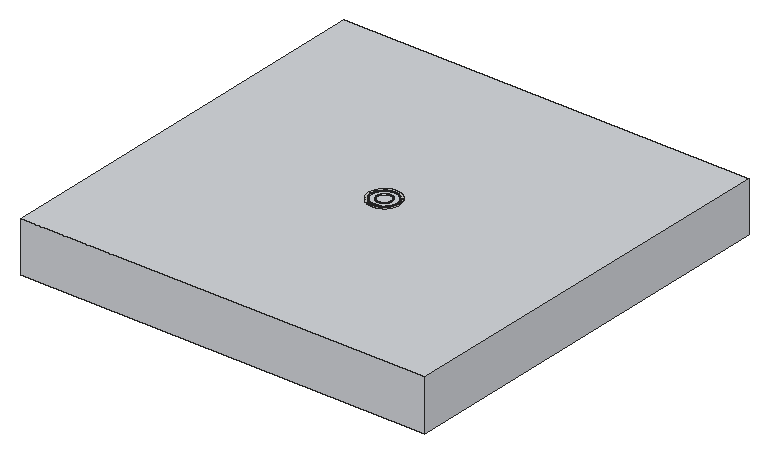
Revit family "LAMP_HANCE DOWNLIGHT RECESSED FLOOD 3000_4000 (DALI)", category Modelos genéricos, Revit 2015
Parameters (values of type "2686LM 4000K 3000 BLACK")
  Weight = 1.36 kg
  Aro 3000/4000 = yes
  Aro 1000/2000 = no
  Type = "COB PHILIPS"
  Tilting [instance] = if(Tilt < 0.00°, 180.00°, if(Tilt > 30.00°, 210.00°, Tilt + 180.00°))  # 180.00°
  Tilt [instance] = 0.00°
  Recessed diameter = 175 mm
  Protection rating = "IP20"
  Product datasheet = "http://www.lamp.es/product-files/TECH/HD1RE30FL840DBB-EN.pdf"
  Product code = "HD1RE30FL840DBB"
  Product URL = "https://www.lamp.es/en/family/hance-downlight_196363"
  Power Supply = "220-240V 50/60Hz"
  Power = 25 W
  Plum = 27.8 W
  Photometric web file = Cuerpo Hance BASE (tilting)_FL : 2686LM 4000K 3000 BLACK
  Modelo = Product code  # "HD1RE30FL840DBB"
  Model explanation = "Availability of tilting between 0º and 30º when placed in a project."
  Material interior aro = LAMP_Aluminio Hance Negro
  Material aro = LAMP_Aluminio Hance Negro
  Manufacturer name = "LAMP"
  Manufacturer country = "Spain"
  Manufacturer URL = "http://www.lamp.es/en"
  MacAdam = "3"
  Luminaire type = "Indoor - Recessed downlight"
  Last update = "22/11/2019"
  Lamp = "COB LED"
  LED Lifetime = "50.000 L80 B10"
  Insulation class = "II"
  Installation instructions = "https://www.lamp.es/product-files/INS/1004410-B-INSTR.%20DE%20MONTAJE%20HANCE%20DOWNLIGHT.pdf"
  Initial intensity = 2686 lm
  Initial color = 4000 K
  IEE = "A+"
  Gear = "Adjustable DALI"
  Finish = "Texturised black RAL 9011"
  Fabricante = Manufacturer name  # "LAMP"
  Default Elevation = 1219.2 mm
  Efficacy = 96.62 lm/W
  Radio aro exterior = 49 mm
  Diameter = 188 mm
  Descripción = "HANCE DOWN REC 3000 NW FL DALI BK."
  Decorative ring [instance] = Aro decorativo 3000_4000 (tilting) : Black
  Comentarios de tipo = Model explanation  # "Availability of tilting between 0º and 30º when placed in a project."
  CRI = "80"
  Altura modulos = 145 mm
Types (8, lengths in mm): name | Product datasheet | Product code | Power | Plum | Photometric web file | Modelo | Material aro | Initial intensity | Initial color | Finish | Efficacy | Descripción
  2686LM 4000K 3000 BLACK | "http://www.lamp.es/product-files/TECH/HD1RE30FL840DBB-EN.pdf" | "HD1RE30FL840DBB" | 25 W | 27.8 W | Cuerpo Hance BASE (tilting)_FL : 2686LM 4000K 3000 BLACK | "HD1RE30FL840DBB" | LAMP_Aluminio Hance Negro | 2686 lm | 4000 K | "Texturised black RAL 9011" | 96.62 lm/W | "HANCE DOWN REC 3000 NW FL DALI BK."
  2686LM 4000K 3000 WHITE | "http://www.lamp.es/product-files/TECH/HD1RE30FL840DBW-EN.pdf" | "HD1RE30FL840DBW" | 25 W | 27.8 W | Cuerpo Hance BASE (tilting)_FL : 2686LM 4000K 3000 WHITE | "HD1RE30FL840DBW" | LAMP_Aluminio Hance Blanco | 2686 lm | 4000 K | "Texturised white RAL 9010" | 96.62 lm/W | "HANCE DOWN REC 3000 NW FL DALI WH."
  2740LM 3000K 3000 BLACK | "http://www.lamp.es/product-files/TECH/HD1RE30FL830DBB-EN.pdf" | "HD1RE30FL830DBB" | 25 W | 28.2 W | Cuerpo Hance BASE (tilting)_FL : 2740LM 3000K 3000 BLACK | "HD1RE30FL830DBB" | LAMP_Aluminio Hance Negro | 2740 lm | 3000 K | "Texturised black RAL 9011" | 97.16 lm/W | "HANCE DOWN REC 3000 WW FL DALI BK."
  2740LM 3000K 3000 WHITE | "http://www.lamp.es/product-files/TECH/HD1RE30FL830DBW-EN.pdf" | "HD1RE30FL830DBW" | 25 W | 28.2 W | Cuerpo Hance BASE (tilting)_FL : 2740LM 3000K 3000 WHITE | "HD1RE30FL830DBW" | LAMP_Aluminio Hance Blanco | 2740 lm | 3000 K | "Texturised white RAL 9010" | 97.16 lm/W | "HANCE DOWN REC 3000 WW FL DALI WH."
  3695LM 3000K 4000 BLACK | "http://www.lamp.es/product-files/TECH/HD1RE40FL830DBB-EN.pdf" | "HD1RE40FL830DBB" | 34 W | 37.6 W | Cuerpo Hance BASE (tilting)_FL : 3695LM 3000K 4000 BLACK | "HD1RE40FL830DBB" | LAMP_Aluminio Hance Negro | 3695 lm | 3000 K | "Texturised black RAL 9011" | 98.28 lm/W | "HANCE DOWN REC 4000 WW FL DALI BK."
  3695LM 3000K 4000 WHITE | "http://www.lamp.es/product-files/TECH/HD1RE40FL830DBW-EN.pdf" | "HD1RE40FL830DBW" | 34 W | 37.6 W | Cuerpo Hance BASE (tilting)_FL : 3695LM 3000K 4000 WHITE | "HD1RE40FL830DBW" | LAMP_Aluminio Hance Blanco | 3695 lm | 3000 K | "Texturised white RAL 9010" | 98.28 lm/W | "HANCE DOWN REC 4000 WW FL DALI WH."
  3845LM 4000K 4000 BLACK | "http://www.lamp.es/product-files/TECH/HD1RE40FL840DBB-EN.pdf" | "HD1RE40FL840DBB" | 34 W | 37.6 W | Cuerpo Hance BASE (tilting)_FL : 3845LM 4000K 4000 BLACK | "HD1RE40FL840DBB" | LAMP_Aluminio Hance Negro | 3845 lm | 4000 K | "Texturised black RAL 9011" | 102.26 lm/W | "HANCE DOWN REC 4000 NW FL DALI BK."
  3845LM 4000K 4000 WHITE | "http://www.lamp.es/product-files/TECH/HD1RE40FL840DBW-EN.pdf" | "HD1RE40FL840DBW" | 34 W | 37.6 W | Cuerpo Hance BASE (tilting)_FL : 3845LM 4000K 4000 WHITE | "HD1RE40FL840DBW" | LAMP_Aluminio Hance Blanco | 3845 lm | 4000 K | "Texturised white RAL 9010" | 102.26 lm/W | "HANCE DOWN REC 4000 NW FL DALI WH."
Reference planes
  plane 1 "Centro (Frontal/Posterior)": y = 0
  plane 2: z = 0
  plane 3 "Centro (Izquierda/Derecha)": x = 0
Forms (mm)
  Extrusion 1, solid
    sketch origin (0, 0, 0) x (1, 0, 0) y (0, 1, 0)
      loop
        line (-1219.2, 1219.2) -> (-1219.2, -1219.2) -> (1219.2, -1219.2) -> (1219.2, 1219.2) -> (-1219.2, 1219.2)
    from 0 to -304.8
  Revolve 2, solid, material "LAMP_Aluminio Hance Negro" <- "Material aro"
    sketch origin (0, 0, 0) x (1, 0, 0) y (0, 0, 1)
      loop
        line (94, 0) -> (94, 1) -> (79.1, 1) -> (79.1, -38.896) -> (87.1, -38.896) -> (87.1, -37.896) -> (81.6, -37.896) -> (81.6, 0) -> (94, 0)
      axis (0, 1) -> (0, -38.896)
    angle from 0 to 360
  Revolve 3, solid, material "LAMP_Aluminio Hance Negro" <- "Material interior aro", visible <- "Aro 3000/4000"
    sketch origin (0, 0, 0) x (1, 0, 0) y (0, 0, 1)
      loop
        arc (74.724, -0.646) -> (74.448, -1.016) -> (74.348, -1.466) r 1.1
        arc (74.348, -1.466) -> (72.204, -17.889) -> (66.127, -33.297) r 67.535
        arc (66.127, -33.297) -> (65.772, -33.665) -> (65.28, -33.8) r 0.965
        line (65.28, -33.8) -> (0, -33.8) -> (0, -34.8) -> (65.28, -34.8)
        arc (65.28, -34.8) -> (65.772, -34.665) -> (66.127, -34.297) r 0.965
        arc (66.127, -34.297) -> (72.204, -18.889) -> (74.348, -2.466) r 67.535
        arc (74.348, -2.466) -> (74.448, -2.016) -> (74.724, -1.646) r 1.1
        arc (74.724, -1.646) -> (76.762, -0.425) -> (79.1, 0) r 6.641
        line (79.1, 0) -> (79.1, 1)
        arc (79.1, 1) -> (76.762, 0.575) -> (74.724, -0.646) r 6.641
      axis (0, 1) -> (0, -34.8)
    angle from 0 to 360
  Extrusion 4, void
    sketch origin (0, 0, 0) x (1, 0, 0) y (0, 1, 0)
      loop
        line (22.671, 46.054) -> (-22.668, 46.054)
        arc (-22.668, 46.054) -> (-69.098, -0.376) -> (-22.668, -46.807) r 46.43
        line (-22.668, -46.807) -> (22.671, -46.807)
        arc (22.671, -46.807) -> (69.102, -0.376) -> (22.671, 46.054) r 46.43
    from -196.113 to 250
Cuts and joins
  Extrusion 4 cuts Revolve 3
Text (mm)
  text "Any modification of the parameters and properties of the LAMP BIM models must be executed and validated by the LAMP technical department.\n\nPhone: +34 93 736 68 00\n\nE-mail: lamp@lamp.es\n\n\n\nLAMP reserves the right to modify the technical specifications of its products." at (39771.841, -40794.867, 40621.237), in view "Preview"
Dimensions and locks
  aligned and locked: plane 2 to Extrusion 1
  aligned and locked: level to Extrusion 1
Nested families
  nested 1: "Aro decorativo 3000_4000 (tilting)" at (0, 0, -68.882) x (1, 0, 0) z (0, 0, -1), type <- "Decorative ring", type "Black"
    with Tilting 180.00°
  nested 2: "Cuerpo Hance BASE (tilting)_FL" at (0, 1.967, -6.662), type <- "Photometric web file", type "2686LM 4000K 3000 BLACK"
    with Tilting 180.00°
Definition of nested family "Aro decorativo 3000_4000 (tilting)"
  Parameters (values of type "Black")
    Weight (3000/4000) = 0.016 kg
    Weight (1000/2000) = 0.01 kg
    Tilting = 0.00°
    Product datasheet = ""
    Product code (3000/4000) = "HSRI90C"
    Product code (1000/2000) = "HSRI65C"
    Product URL = ""
    Model = ""
    Material aro = none
    Manufacturer name = "LAMP"
    Manufacturer country = "Spain"
    Manufacturer URL = "http://www.lamp.es/en"
    Longitud = 42.5 mm
    Last update = "21/05/2018"
    Installation instructions = ""
    Finish = "Metalized matt copper"
    Manufacturer = Manufacturer name  # "LAMP"
    Default Elevation = 1219.2 mm
    Diameter (3000/4000) = 90 mm
    Diameter (1000/2000) = 65 mm
    Description = ""
    Accessory Type = "Optic"
    3000/4000 Model = "HSRI90C"
    3000/4000 Description = "HANCE 3000/4000 ACC. RING DECO CO."
    1000/2000 Model = "HSRI65C"
    1000/2000 Description = "HANCE 1000/2000 ACC. RING DECO CO."
  Types (5, lengths in mm): name | Product code (3000/4000) | Product code (1000/2000) | Finish | 3000/4000 Model | 3000/4000 Description | 1000/2000 Model | 1000/2000 Description
    (no name) | "HSRI90C" | "HSRI65C" | "Metalized matt copper" | "HSRI90C" | "HANCE 3000/4000 ACC. RING DECO CO." | "HSRI65C" | "HANCE 1000/2000 ACC. RING DECO CO."
    Black | "HSRI90C" | "HSRI65C" | "Metalized matt copper" | "HSRI90C" | "HANCE 3000/4000 ACC. RING DECO CO." | "HSRI65C" | "HANCE 1000/2000 ACC. RING DECO CO."
    Copper | "HSRI90C" | "HSRI65C" | "Metalized matt copper" | "HSRI90C" | "HANCE 3000/4000 ACC. RING DECO CO." | "HSRI65C" | "HANCE 1000/2000 ACC. RING DECO CO."
    Grey | "HSRI90M" | "HSRI65M" | "Metalized matt silver" | "HSRI90M" | "HANCE 3000/4000 ACC. RING DECO MET." | "HSRI65M" | "HANCE 1000/2000 ACC. RING DECO MET."
    White | "HSRI90W" | "HSRI65W" | "Matt White" | "HSRI90W" | "HANCE 3000/4000 ACC. RING DECO WH." | "HSRI65W" | "HANCE 1000/2000 ACC. RING DECO WH."
  Reference planes
    plane 1 "Centro (Frontal/Posterior)": y = 0
    plane 2: z = 0
    plane 3 "Centro (Izquierda/Derecha)": x = 0
  Lines and regions (mm)
    reference lines
      curve 1: line (0, 0, 0) -> (0, 0, 80.8)
    model lines
      curve 2: line (68.747, 0, 0) -> (69.9, 0, 0)
  Text (mm)
    text "Any modification of the parameters and properties of the LAMP BIM models must be executed and validated by the LAMP technical department.\n\nPhone: +34 93 736 68 00\n\nE-mail: lamp@lamp.es\n\n\n\nLAMP reserves the right to modify the technical specifications of its products." at (86527.204, -96597.187, 50741.736), in view "Preview"
  Dimensions and locks
    "Tilting": angle curve 1 to plane 3 "Centro (Izquierda/Derecha)"
    aligned and locked: level to plane 2
    aligned and locked: plane 3 "Centro (Izquierda/Derecha)" to curve 1
    aligned and locked: plane 2 to curve 1
  Automatic sketch dimensions
    curve 2 to level = 0 mm
    plane 3 "Centro (Izquierda/Derecha)" to curve 2 = 68.747 mm
    curve 2 to curve 2 = 1.153 mm
  Nested families
    nested 1: "Aro decorativo 3000_4000" at (-27.9, 0, 17.2) x (0, 0, 1) z (-1, 0, 0), type "Copper"
  Definition of nested family "Aro decorativo 3000_4000"
    Parameters (values of type "Black")
      Weight (3000/4000) = 0.016 kg
      Weight (1000/2000) = 0.01 kg
      Product datasheet = ""
      Product code (3000/4000) = "HSRI90C"
      Product code (1000/2000) = "HSRI65C"
      Product URL = ""
      Model = ""
      Material aro = none
      Manufacturer name = "LAMP"
      Manufacturer country = "Spain"
      Manufacturer URL = "http://www.lamp.es/en"
      Longitud = 42.5 mm
      Last update = "21/05/2018"
      Installation instructions = ""
      Finish = "Metalized matt copper"
      Manufacturer = Manufacturer name  # "LAMP"
      Default Elevation = 1219.2 mm
      Diametro vaciado aro interior = if(Diametro aro interior = 35.4 mm, 34.4 mm, 21.9 mm)  # 34.4 mm
      Diametro vaciado aro exterior = if(Diametro aro exterior = 42.9 mm, 41.9 mm, 29.4 mm)  # 41.9 mm
      Diametro aro interior = if(Diametro aro exterior = 42.9 mm, 35.4 mm, 22.9 mm)  # 35.4 mm
      Diametro aro exterior = if(Longitud = 42.5 mm, 42.9 mm, 30.4 mm)  # 42.9 mm
      Diameter (3000/4000) = 90 mm
      Diameter (1000/2000) = 65 mm
      Description = ""
      Accessory Type = "Optic"
      3000/4000 Model = "HSRI90C"
      3000/4000 Description = "HANCE 3000/4000 ACC. RING DECO CO."
      1000/2000 Description = "HANCE 1000/2000 ACC. RING DECO CO."
      1000/2000 Model = "HSRI65C"
    Types (4, lengths in mm): name | Manufacturer URL
      Black | "http://www.lamp.es/en"
      Copper | "http://www.lamp.es/en"
      Grey | "http://www.lamp.es/en"
      White | ""
    Reference planes
      plane 1 "Centro (Frontal/Posterior)": y = 0
      plane 2: z = 0
      plane 3 "Centro (Izquierda/Derecha)": x = 0
    Forms (mm)
      Revolve 1, solid, material <- "Material aro"
        sketch origin (0, 0, -27.9) x (1, 0, 0) y (0, 0, 1)
          loop
            line (42.5, 0) -> (52.682, 0) -> (52.682, 42.9) -> (42.5, 35.4) -> (42.5, 0)
          axis (52.682, 0) -> (42.5, 0)
        angle from 0 to 360
      Revolve 2, void
        sketch origin (0, 0, -27.9) x (1, 0, 0) y (0, 0, 1)
          loop
            line (52.682, 41.9) -> (42.5, 34.4) -> (42.5, 0) -> (52.682, 0) -> (52.682, 41.9)
          axis (42.5, 0) -> (52.682, 0)
        angle from 0 to 360
    Cuts and joins
      Revolve 2 cuts Revolve 1
    Lines and regions (mm)
      reference lines
        curve 1: line (0, 0, -27.9) -> (42.5, 0, -27.9)
    Text (mm)
      text "Any modification of the parameters and properties of the LAMP BIM models must be executed and validated by the LAMP technical department.\n\nPhone: +34 93 736 68 00\n\nE-mail: lamp@lamp.es\n\n\n\nLAMP reserves the right to modify the technical specifications of its products." at (91886.357, -93022.329, 47898.266), in view "Preview"
    Dimensions and locks
      "Diametro aro exterior": Revolve 1 sketch curve to Revolve 1 sketch curve
      "Diametro vaciado aro exterior": Revolve 2 sketch curve to Revolve 2 sketch curve
      "Longitud": curve 1 to plane 3 "Centro (Izquierda/Derecha)"
      "Diametro aro interior": Revolve 1 sketch curve to Revolve 1 sketch curve
      "Diametro vaciado aro interior": Revolve 2 sketch curve to Revolve 2 sketch curve
      aligned and locked: level to plane 2
    Automatic sketch dimensions
      Revolve 1 sketch curve to curve 1 = 0 mm  (x4)
      curve 1 to Revolve 1 sketch curve = 10.182 mm
      Revolve 1 sketch curve to Revolve 1 sketch curve = 0 mm
      Revolve 2 sketch curve to curve 1 = 0 mm  (x3)
      curve 1 to Revolve 2 sketch curve = 10.182 mm
      Revolve 2 sketch curve to curve 1 = 1261.008 mm
      Revolve 2 sketch curve to Revolve 2 sketch curve = 1898.983 mm
      curve 1 to plane 3 "Centro (Izquierda/Derecha)" = 0 mm
      curve 1 to level = 27.9 mm
Definition of nested family "Cuerpo Hance BASE (tilting)_FL"
  Parameters (values of type "2686LM 4000K 3000 BLACK")
    Tilting = 90.00°
    Photometric web file = Cuerpo Hance BASE_FL : 2686LM 4000K 3000 BLACK
    Longitud cuerpo = 135 mm
    Default Elevation = 1219.2 mm
  Types (17, lengths in mm): name | Photometric web file
    (no name) | Cuerpo Hance BASE_FL : 2686LM 4000K 3000 BLACK
    675LM 4000K 1000 BLACK | Cuerpo Hance BASE_FL : 675LM 4000K 1000 BLACK
    675LM 4000K 1000 WHITE | Cuerpo Hance BASE_FL : 675LM 4000K 1000 WHITE
    697LM 3000K 1000 BLACK | Cuerpo Hance BASE_FL : 697LM 3000K 1000 BLACK
    697LM 3000K 1000 WHITE | Cuerpo Hance BASE_FL : 697LM 3000K 1000 WHITE
    1445LM 3000K 2000 BLACK | Cuerpo Hance BASE_FL : 1445LM 3000K 2000 BLACK
    1445LM 3000K 2000 WHITE | Cuerpo Hance BASE_FL : 1445LM 3000K 2000 WHITE
    1466LM 4000K 2000 BLACK | Cuerpo Hance BASE_FL : 1466LM 4000K 2000 BLACK
    1466LM 4000K 2000 WHITE | Cuerpo Hance BASE_FL : 1466LM 4000K 2000 WHITE
    2686LM 4000K 3000 BLACK | Cuerpo Hance BASE_FL : 2686LM 4000K 3000 BLACK
    2686LM 4000K 3000 WHITE | Cuerpo Hance BASE_FL : 2686LM 4000K 3000 WHITE
    2740LM 3000K 3000 BLACK | Cuerpo Hance BASE_FL : 2740LM 3000K 3000 BLACK
    2740LM 3000K 3000 WHITE | Cuerpo Hance BASE_FL : 2740LM 3000K 3000 WHITE
    3695LM 3000K 4000 BLACK | Cuerpo Hance BASE_FL : 3695LM 3000K 4000 BLACK
    3695LM 3000K 4000 WHITE | Cuerpo Hance BASE_FL : 3695LM 3000K 4000 WHITE
    3845LM 4000K 4000 BLACK | Cuerpo Hance BASE_FL : 3845LM 4000K 4000 BLACK
    3845LM 4000K 4000 WHITE | Cuerpo Hance BASE_FL : 3845LM 4000K 4000 WHITE
  Reference planes
    plane 1 "Centro (Frontal/Posterior)": y = 0
    plane 2: z = 0
    plane 3 "Centro (Izquierda/Derecha)": x = 0
  Lines and regions (mm)
    reference lines
      curve 1: line (0, 0, 0) -> (200, 0, 0)
  Dimensions and locks
    "Tilting": angle plane 3 "Centro (Izquierda/Derecha)" to curve 1
    aligned and locked: level to plane 2
    aligned and locked: plane 3 "Centro (Izquierda/Derecha)" to curve 1
    aligned and locked: plane 2 to curve 1
  Nested families
    nested 1: "Cuerpo Hance BASE_FL" at (-50.338, -1.967, 27.875), type <- "Photometric web file", type "2686LM 4000K 3000 BLACK"
  Definition of nested family "Cuerpo Hance BASE_FL"
    Parameters (values of type "675LM 4000K 1000 BLACK")
      Tilt Angle = 90.00° + Tilting  # 180.00°
      Wattage = 7.6 W
      Tilting = 90.00°
      built-in parameter 1150107 = 4000 (stored number, unit not read)
      Radio vacio posterior = Radio cuerpo - 2.2 mm  # 30.3 mm
      Radio vaciado = Radio cuerpo - 1.5 mm  # 31 mm
      Radio cuerpo = if(Longitud cuerpo = 100 mm, 45 mm, 32.5 mm)  # 32.5 mm
      built-in parameter 1150110 = 1 (stored number, unit not read)
      built-in parameter 1150109 = 1 (stored number, unit not read)
      built-in parameter 1150112 = 1 (stored number, unit not read)
      built-in parameter 1150113 = 1 (stored number, unit not read)
      built-in parameter 1114218 = 1 (stored number, unit not read)
      built-in parameter 1150137 = (empty or 0)
      built-in parameter 1150132 = 2
      Material reflector = none
      Material cuerpo = none
      Material COB = none
      Longitud cuerpo = 135 mm
      Long. origen luz = if(Longitud cuerpo = 100 mm, 20 mm, if(Longitud cuerpo = 170 mm, 55 mm, 90 mm))  # 90 mm
      L_3 = if(Ancho disipador posterior = 80.4 mm, 39.6 mm, 12 mm)  # 12 mm
      L_2 = if(Ancho disipador posterior = 80.4 mm, 36.3 mm, 22.6 mm)  # 22.6 mm
      L_1 = if(Ancho disipador posterior = 80.4 mm, 36.8 mm, 25.4 mm)  # 25.4 mm
      built-in parameter 1150105 = 2229.4 (stored number, unit not read)
      built-in parameter 1150102 = (empty or 0)
      built-in parameter 1150106 = 22.294 (stored number, unit not read)
      Lumens = 675.032 lm
      Color Filter = 16777215
      built-in parameter 1114217 = 1 (stored number, unit not read)
      built-in parameter 1150139 = (empty or 0)
      Default Elevation = 1219.2 mm
      built-in parameter 1150104 = 8.2516 (stored number, unit not read)
      Diametro aro = if(Radio cuerpo = 45 mm, 42.9 mm, 30.4 mm)  # 30.4 mm
      built-in parameter 1150115 = 1 (stored number, unit not read)
      built-in parameter 1150114 = 1 (stored number, unit not read)
      built-in parameter 1150138 = (empty or 0)
      built-in parameter 1150134 = 12
      Dimming Lamp Color Temperature Shift = (empty or 0)
      Photometric Web File = "HD1RE10FL840NBB.IES"
      Ancho vaciado reflector = if(Radio cuerpo = 45 mm, 34.4 mm, 21.9 mm)  # 21.9 mm
      Ancho reflector = if(Radio cuerpo = 45 mm, 35.4 mm, 22.9 mm)  # 22.9 mm
      Ancho disipador posterior = if(Radio cuerpo = 32.5 mm, 53 mm, 80.4 mm)  # 53 mm
      built-in parameter 1150133 = 10 (stored number, unit not read)
      Altura disipador superior = if(Radio cuerpo = 45 mm, 23.9 mm, 36.9 mm)  # 36.9 mm
      Ancho disipador superior = if(Radio cuerpo = 45 mm, 28 mm, 22.6 mm)  # 22.6 mm
    Types (16, lengths in mm): name | Wattage | built-in parameter 1150107 | Radio vacio posterior | Radio vaciado | Radio cuerpo | Longitud cuerpo | Long. origen luz | L_3 | L_2 | L_1 | built-in parameter 1150105 | built-in parameter 1150106 | Lumens | built-in parameter 1150104 | Diametro aro | built-in parameter 1150134 | Photometric Web File | Ancho vaciado reflector | Ancho reflector | Ancho disipador posterior | Altura disipador superior | Ancho disipador superior
      675LM 4000K 1000 BLACK | 7.6 W | 4000 (stored number, unit not read) | 30.3 | 31 | 32.5 | 135 | 90 | 12 | 22.6 | 25.4 | 2229.4 (stored number, unit not read) | 22.294 (stored number, unit not read) | 675.032 lm | 8.2516 (stored number, unit not read) | 30.4 | 12 | "HD1RE10FL840NBB.IES" | 21.9 | 22.9 | 53 | 36.9 | 22.6
      675LM 4000K 1000 WHITE | 7.6 W | 4000 (stored number, unit not read) | 30.3 | 31 | 32.5 | 135 | 90 | 12 | 22.6 | 25.4 | 2229.4 (stored number, unit not read) | 22.294 (stored number, unit not read) | 675.032 lm | 8.2516 (stored number, unit not read) | 30.4 | 12 | "HD1RE10FL840NBW.IES" | 21.9 | 22.9 | 53 | 36.9 | 22.6
      697LM 3000K 1000 BLACK | 7.7 W | 3000 (stored number, unit not read) | 30.3 | 31 | 32.5 | 135 | 90 | 12 | 22.6 | 25.4 | 1447 (stored number, unit not read) | 14.47 (stored number, unit not read) | 696.773 lm | 8.4068 (stored number, unit not read) | 30.4 | (empty or 0) | "HD1RE10FL830NBB.IES" | 21.9 | 22.9 | 53 | 36.9 | 22.6
      697LM 3000K 1000 WHITE | 7.7 W | 3000 (stored number, unit not read) | 30.3 | 31 | 32.5 | 135 | 90 | 12 | 22.6 | 25.4 | 1447 (stored number, unit not read) | 14.47 (stored number, unit not read) | 696.773 lm | 8.4068 (stored number, unit not read) | 30.4 | (empty or 0) | "HD1RE10FL830NBW.IES" | 21.9 | 22.9 | 53 | 36.9 | 22.6
      1445LM 3000K 2000 BLACK | 20.7 W | 3000 (stored number, unit not read) | 30.3 | 31 | 32.5 | 135 | 90 | 12 | 22.6 | 25.4 | 3001.7 (stored number, unit not read) | 30.017 (stored number, unit not read) | 1445.48 lm | 6.4874 (stored number, unit not read) | 30.4 | (empty or 0) | "HD1RE20FL830NBB.IES" | 21.9 | 22.9 | 53 | 36.9 | 22.6
      1445LM 3000K 2000 WHITE | 20.7 W | 3000 (stored number, unit not read) | 30.3 | 31 | 32.5 | 135 | 90 | 12 | 22.6 | 25.4 | 3001.7 (stored number, unit not read) | 30.017 (stored number, unit not read) | 1445.48 lm | 6.4874 (stored number, unit not read) | 30.4 | (empty or 0) | "HD1RE20FL830NBW.IES" | 21.9 | 22.9 | 53 | 36.9 | 22.6
      1466LM 4000K 2000 BLACK | 20.6 W | 4000 (stored number, unit not read) | 30.3 | 31 | 32.5 | 135 | 90 | 12 | 22.6 | 25.4 | 2960 (stored number, unit not read) | 29.6 (stored number, unit not read) | 1466.1 lm | 6.6119 (stored number, unit not read) | 30.4 | 12 | "HD1RE20FL840NBB.IES" | 21.9 | 22.9 | 53 | 36.9 | 22.6
      1466LM 4000K 2000 WHITE | 20.6 W | 4000 (stored number, unit not read) | 30.3 | 31 | 32.5 | 135 | 90 | 12 | 22.6 | 25.4 | 2960 (stored number, unit not read) | 29.6 (stored number, unit not read) | 1466.1 lm | 6.6119 (stored number, unit not read) | 30.4 | 12 | "HD1RE20FL840NBB.IES" | 21.9 | 22.9 | 53 | 36.9 | 22.6
      2686LM 4000K 3000 BLACK | 27.8 W | 4000 (stored number, unit not read) | 42.8 | 43.5 | 45 | 100 | 20 | 39.6 | 36.3 | 36.8 | 5423.1 (stored number, unit not read) | 54.231 (stored number, unit not read) | 2686.04 lm | 8.9763 (stored number, unit not read) | 42.9 | 12 | "HD1RE30FL840NBB.IES" | 34.4 | 35.4 | 80.4 | 23.9 | 28
      2686LM 4000K 3000 WHITE | 27.8 W | 4000 (stored number, unit not read) | 42.8 | 43.5 | 45 | 100 | 20 | 39.6 | 36.3 | 36.8 | 5423.1 (stored number, unit not read) | 54.231 (stored number, unit not read) | 2686.04 lm | 8.9763 (stored number, unit not read) | 42.9 | 12 | "HD1RE30FL840NBW.IES" | 34.4 | 35.4 | 80.4 | 23.9 | 28
      2740LM 3000K 3000 BLACK | 28.2 W | 3000 (stored number, unit not read) | 42.8 | 43.5 | 45 | 100 | 20 | 39.6 | 36.3 | 36.8 | 8235.7 (stored number, unit not read) | 82.357 (stored number, unit not read) | 2739.91 lm | 9.0265 (stored number, unit not read) | 42.9 | (empty or 0) | "HD1RE30FL830NBB.IES" | 34.4 | 35.4 | 80.4 | 23.9 | 28
      2740LM 3000K 3000 WHITE | 28.2 W | 3000 (stored number, unit not read) | 42.8 | 43.5 | 45 | 100 | 20 | 39.6 | 36.3 | 36.8 | 8235.7 (stored number, unit not read) | 82.357 (stored number, unit not read) | 2739.91 lm | 9.0265 (stored number, unit not read) | 42.9 | (empty or 0) | "HD1RE30FL830NBW.IES" | 34.4 | 35.4 | 80.4 | 23.9 | 28
      3695LM 3000K 4000 BLACK | 37.6 W | 3000 (stored number, unit not read) | 42.8 | 43.5 | 45 | 100 | 20 | 39.6 | 36.3 | 36.8 | 294.06 (stored number, unit not read) | 2.9406 (stored number, unit not read) | 3695.33 lm | 9.1305 (stored number, unit not read) | 42.9 | (empty or 0) | "HD1RE40FL830NBB.IES" | 34.4 | 35.4 | 80.4 | 23.9 | 28
      3695LM 3000K 4000 WHITE | 37.6 W | 3000 (stored number, unit not read) | 42.8 | 43.5 | 45 | 100 | 20 | 39.6 | 36.3 | 36.8 | 294.06 (stored number, unit not read) | 2.9406 (stored number, unit not read) | 3695.33 lm | 9.1305 (stored number, unit not read) | 42.9 | (empty or 0) | "HD1RE40FL830NBB.IES" | 34.4 | 35.4 | 80.4 | 23.9 | 28
      3845LM 4000K 4000 BLACK | 37.6 W | 4000 (stored number, unit not read) | 42.8 | 43.5 | 45 | 100 | 20 | 39.6 | 36.3 | 36.8 | 11268 (stored number, unit not read) | 112.68 (stored number, unit not read) | 3844.98 lm | 9.5003 (stored number, unit not read) | 42.9 | 12 | "HD1RE40FL840NBB.IES" | 34.4 | 35.4 | 80.4 | 23.9 | 28
      3845LM 4000K 4000 WHITE | 37.6 W | 4000 (stored number, unit not read) | 42.8 | 43.5 | 45 | 100 | 20 | 39.6 | 36.3 | 36.8 | 11268 (stored number, unit not read) | 112.68 (stored number, unit not read) | 3844.98 lm | 9.5003 (stored number, unit not read) | 42.9 | 12 | "HD1RE40FL840NBW.IES" | 34.4 | 35.4 | 80.4 | 23.9 | 28
    Reference planes
      plane 1 "Centro (Frontal/Posterior)": y = 0
      plane 2: z = 0
      plane 3 "Centro (Izquierda/Derecha)": x = 0
    Forms (mm)
      Extrusion 1, solid, material <- "Material cuerpo"
        sketch origin (0, 0, 0) x (0, -1, 0) y (0, 0, 1)
          loop
            circle (0, -27.875) r 32.5
        from -93 to 42
      Extrusion 2, void
        sketch origin (0, 0, 0) x (0, 1, 0) y (0, 0, 1)
          loop
            line (11.3, 30) -> (-11.3, 30) -> (-11.3, -6.9)
            arc (-11.3, -6.9) -> (0, -7.855) -> (11.3, -6.9) r 67.349
            line (11.3, -6.9) -> (11.3, 30)
        from -42 to 9.4
      Extrusion 3, void
        sketch origin (0, 0, 0) x (0, 1, 0) y (0, 0, 1)
          loop
            circle (0, -27.875) r 30.3
        from -42 to -41
      Extrusion 4, void
        sketch origin (0, 0, 0) x (0, 1, 0) y (0, 0, 1)
          loop
            line (26.5, -26.291) -> (-26.5, -26.291)
            arc (-26.5, -26.291) -> (-27.7, -27.491) -> (-26.5, -28.691) r 1.2
            line (-26.5, -28.691) -> (26.5, -28.691)
            arc (26.5, -28.691) -> (27.7, -27.491) -> (26.5, -26.291) r 1.2
          loop
            line (26.115, -30.891) -> (-26.115, -30.891)
            arc (-26.115, -30.891) -> (-27.315, -32.091) -> (-26.115, -33.291) r 1.2
            line (-26.115, -33.291) -> (26.115, -33.291)
            arc (26.115, -33.291) -> (27.315, -32.091) -> (26.115, -30.891) r 1.2
          loop
            line (25.4, -35.55) -> (-24.915, -35.55)
            arc (-24.915, -35.55) -> (-26.115, -36.75) -> (-24.915, -37.95) r 1.2
            line (-24.915, -37.95) -> (25.4, -37.95)
            arc (25.4, -37.95) -> (26.6, -36.75) -> (25.4, -35.55) r 1.2
          loop
            line (22.6, -40.091) -> (-22.64, -40.091)
            arc (-22.64, -40.091) -> (-23.84, -41.291) -> (-22.64, -42.491) r 1.2
            line (-22.64, -42.491) -> (22.6, -42.491)
            arc (22.6, -42.491) -> (23.8, -41.291) -> (22.6, -40.091) r 1.2
          loop
            line (19.043, -44.691) -> (-19.086, -44.691)
            arc (-19.086, -44.691) -> (-20.286, -45.891) -> (-19.086, -47.091) r 1.2
            line (-19.086, -47.091) -> (19.043, -47.091)
            arc (19.043, -47.091) -> (20.243, -45.891) -> (19.043, -44.691) r 1.2
          loop
            line (15.357, -49.291) -> (-15.5, -49.291)
            arc (-15.5, -49.291) -> (-16.6, -50.391) -> (-15.5, -51.491) r 1.1
            line (-15.5, -51.491) -> (15.357, -51.491)
            arc (15.357, -51.491) -> (16.457, -50.391) -> (15.357, -49.291) r 1.1
          loop
            line (6, -53.691) -> (-6, -53.691)
            arc (-6, -53.691) -> (-7.1, -54.791) -> (-6, -55.891) r 1.1
            line (-6, -55.891) -> (6, -55.891)
            arc (6, -55.891) -> (7.1, -54.791) -> (6, -53.691) r 1.1
        from -42 to -38.7
      Extrusion 5, void
        sketch origin (0, 0, 0) x (-1, 0, 0) y (0, -1, 0)
          loop
            line (37.7, -9.12) -> (37.7, 9.12)
            arc (37.7, 9.12) -> (36.6, 10.22) -> (35.5, 9.12) r 1.1
            line (35.5, 9.12) -> (35.5, -9.12)
            arc (35.5, -9.12) -> (36.6, -10.22) -> (37.7, -9.12) r 1.1
          loop
            line (28.9, -9.12) -> (28.9, 9.12)
            arc (28.9, 9.12) -> (27.8, 10.22) -> (26.7, 9.12) r 1.1
            line (26.7, 9.12) -> (26.7, -9.12)
            arc (26.7, -9.12) -> (27.8, -10.22) -> (28.9, -9.12) r 1.1
          loop
            line (20.1, -9.12) -> (20.1, 9.12)
            arc (20.1, 9.12) -> (19, 10.22) -> (17.9, 9.12) r 1.1
            line (17.9, 9.12) -> (17.9, -9.12)
            arc (17.9, -9.12) -> (19, -10.22) -> (20.1, -9.12) r 1.1
        from -51.491 to 30
      Extrusion 6, void
        sketch origin (0, 0, 0) x (-1, 0, 0) y (0, -1, 0)
          loop
            line (33.3, -9.12) -> (33.3, 9.12)
            arc (33.3, 9.12) -> (32.2, 10.22) -> (31.1, 9.12) r 1.1
            line (31.1, 9.12) -> (31.1, -9.12)
            arc (31.1, -9.12) -> (32.2, -10.22) -> (33.3, -9.12) r 1.1
          loop
            line (24.5, -9.12) -> (24.5, 9.12)
            arc (24.5, 9.12) -> (23.4, 10.22) -> (22.3, 9.12) r 1.1
            line (22.3, 9.12) -> (22.3, -9.12)
            arc (22.3, -9.12) -> (23.4, -10.22) -> (24.5, -9.12) r 1.1
        from -8.232 to 30
      Extrusion 7, void
        sketch origin (0, 0, 0) x (0, 1, 0) y (0, 0, 1)
          loop
            circle (0, -27.875) r 31
        from 17.213 to 93
      Revolve 8, solid, material <- "Material reflector"
        sketch origin (0, 0, 0) x (1, 0, 0) y (0, 0, 1)
          loop
            line (60.5, -27.875) -> (80.818, -27.875) -> (80.818, -4.975) -> (60.5, -19.875) -> (60.5, -27.875)
          axis (60.5, -27.875) -> (80.818, -27.875)
        angle from 0 to 360
      Revolve 9, void
        sketch origin (0, 0, 0) x (1, 0, 0) y (0, 0, 1)
          loop
            line (80.818, -5.975) -> (61.5, -20.142) -> (60.5, -20.142) -> (60.5, -27.875) -> (61.5, -27.875) -> (80.818, -27.875) -> (80.818, -5.975)
          axis (80.818, -27.875) -> (60.5, -27.875)
        angle from 0 to 360
      Extrusion 10, solid, material <- "Material COB"
        sketch origin (0, 0, 0) x (0, -1, 0) y (0, 0, 1)
          loop
            circle (0, -27.875) r 7.733
        from -61.5 to -60.5
    Cuts and joins
      Extrusion 2, Extrusion 3, Extrusion 4, Extrusion 5, Extrusion 6, Extrusion 7 cuts Extrusion 1
      Revolve 9 cuts Revolve 8
    Lines and regions (mm)
      reference lines
        curve 1: line (0, 0, 0) -> (178.042, 0, 0)
        curve 2: line (93, 0, -27.875) -> (183, 0, -27.875)
        curve 3: line (0, 0, 0) -> (0, 0, -75)
        curve 4: line (93, 0, -22.875) -> (93, 0, -32.875)
    Text (mm)
      text "Any modification of the parameters and properties of the LAMP BIM models must be executed and validated by the LAMP technical department.\n\nPhone: +34 93 736 68 00\n\nE-mail: lamp@lamp.es\n\n\n\nLAMP reserves the right to modify the technical specifications of its products." at (97482.136, -81600.41, 57308.082), in view "Preview"
    Dimensions and locks
      locked: Revolve 9 sketch curve to cut or joined group of Extrusion 1, Extrusion 2, Extrusion 3, Extrusion 4, Extrusion 5, Extrusion 6, Extrusion 7 at 12.182
      "Longitud cuerpo": cut or joined group of Extrusion 1, Extrusion 2, Extrusion 3, Extrusion 4, Extrusion 5, Extrusion 6, Extrusion 7 to cut or joined group of Extrusion 1, Extrusion 2, Extrusion 3, Extrusion 4, Extrusion 5, Extrusion 6, Extrusion 7
      locked: cut or joined group of Extrusion 1, Extrusion 2, Extrusion 3, Extrusion 4, Extrusion 5, Extrusion 6, Extrusion 7 to curve 3 at 42
      locked: cut or joined group of Revolve 8, Revolve 9 to cut or joined group of Extrusion 1, Extrusion 2, Extrusion 3, Extrusion 4, Extrusion 5, Extrusion 6, Extrusion 7 at 12.182
      locked: cut or joined group of Revolve 8, Revolve 9 to cut or joined group of Revolve 8, Revolve 9 at 20.318
      locked: cut or joined group of Extrusion 1, Extrusion 2, Extrusion 3, Extrusion 4, Extrusion 5, Extrusion 6, Extrusion 7 to Extrusion 10 at 31.5
      locked: Extrusion 10 to Extrusion 10 at 1
      "Long. origen luz": curve 4 to curve 2
      equal spacing: Extrusion 4 sketch curve, plane 1 "Centro (Frontal/Posterior)", Extrusion 4 sketch curve  (x2)
      "Ancho disipador posterior": Extrusion 4 sketch curve to Extrusion 4 sketch curve
      "L_1": Extrusion 4 sketch curve to plane 1 "Centro (Frontal/Posterior)"
      "L_2": Extrusion 4 sketch curve to curve 3
      "L_3": Extrusion 4 sketch curve to Extrusion 4 sketch curve
      equal spacing: Extrusion 2 sketch curve, plane 1 "Centro (Frontal/Posterior)", Extrusion 2 sketch curve
      "Ancho disipador superior": Extrusion 2 sketch curve to Extrusion 2 sketch curve
      "Altura disipador superior": Extrusion 2 sketch curve to Extrusion 2 sketch curve
      locked: plane 2 to Extrusion 2 sketch curve at 30
      "Ancho reflector": Revolve 8 sketch curve to imposter light
      "Ancho vaciado reflector": Revolve 9 sketch curve to imposter light
      "Radio cuerpo": radius of Extrusion 1 sketch curve
      "Radio vaciado": radius of Extrusion 7 sketch curve
      "Radio vacio posterior": radius of Extrusion 3 sketch curve
      "Tilting": angle plane 3 "Centro (Izquierda/Derecha)" to curve 1
      aligned and locked: level to plane 2
      aligned and locked: imposter light to curve 2  (x2)
      aligned and locked: cut or joined group of Extrusion 1, Extrusion 2, Extrusion 3, Extrusion 4, Extrusion 5, Extrusion 6, Extrusion 7 to cut or joined group of Extrusion 1, Extrusion 2, Extrusion 3, Extrusion 4, Extrusion 5, Extrusion 6, Extrusion 7
    Automatic sketch dimensions
      curve 1 to Extrusion 5 sketch curve = 17.9 mm
      Extrusion 5 sketch curve to Extrusion 5 sketch curve = 1.1 mm  (x3)
      Extrusion 5 sketch curve to Extrusion 5 sketch curve = 6.6 mm  (x2)
      Extrusion 5 sketch curve to curve 1 = 9.12 mm  (x2)
      Extrusion 5 sketch curve to Extrusion 5 sketch curve = 0 mm  (x3)
      curve 1 to Extrusion 5 sketch curve = 9.12 mm
      curve 1 to Extrusion 6 sketch curve = 22.3 mm
      Extrusion 6 sketch curve to Extrusion 6 sketch curve = 1.1 mm  (x2)
      Extrusion 6 sketch curve to Extrusion 6 sketch curve = 6.6 mm
      Extrusion 6 sketch curve to curve 1 = 9.12 mm
      Extrusion 6 sketch curve to Extrusion 6 sketch curve = 0 mm  (x2)
      curve 1 to Extrusion 6 sketch curve = 9.12 mm
      Extrusion 10 sketch curve to plane 1 "Centro (Frontal/Posterior)" = 0 mm
      Extrusion 1 sketch curve to plane 1 "Centro (Frontal/Posterior)" = 0 mm
      Extrusion 1 sketch curve to level = 27.875 mm
      Extrusion 2 sketch curve to plane 1 "Centro (Frontal/Posterior)" = 0 mm
      Extrusion 2 sketch curve to Extrusion 2 sketch curve = 29.494 mm
      Extrusion 3 sketch curve to plane 1 "Centro (Frontal/Posterior)" = 0 mm
      Extrusion 3 sketch curve to level = 27.875 mm
      Extrusion 4 sketch curve to Extrusion 4 sketch curve = 0.385 mm  (x2)
      Extrusion 4 sketch curve to Extrusion 4 sketch curve = 1.2 mm  (x6)
      Extrusion 4 sketch curve to Extrusion 4 sketch curve = 2.276 mm
      Extrusion 4 sketch curve to Extrusion 4 sketch curve = 3.554 mm
      Extrusion 4 sketch curve to Extrusion 4 sketch curve = 3.586 mm
      Extrusion 4 sketch curve to Extrusion 4 sketch curve = 9.357 mm
      Extrusion 4 sketch curve to Extrusion 4 sketch curve = 3.557 mm
      Extrusion 4 sketch curve to level = 55.891 mm
      Extrusion 4 sketch curve to Extrusion 4 sketch curve = 1.1 mm  (x2)
      Extrusion 4 sketch curve to Extrusion 4 sketch curve = 2.2 mm  (x4)
      Extrusion 4 sketch curve to Extrusion 4 sketch curve = 2.141 mm
      Extrusion 4 sketch curve to Extrusion 4 sketch curve = 2.259 mm
      Extrusion 7 sketch curve to plane 1 "Centro (Frontal/Posterior)" = 0 mm
      Extrusion 7 sketch curve to level = 27.875 mm
      curve 1 to Revolve 8 sketch curve = 19.875 mm
      curve 1 to Revolve 8 sketch curve = 60.5 mm
      Revolve 8 sketch curve to Revolve 8 sketch curve = 20.318 mm
      Revolve 8 sketch curve to Revolve 8 sketch curve = 8 mm
      Revolve 8 sketch curve to Revolve 8 sketch curve = 0 mm  (x2)
      Revolve 8 sketch curve to Revolve 8 sketch curve = 9.682 mm
      Revolve 9 sketch curve to Revolve 9 sketch curve = 19.318 mm
      Revolve 9 sketch curve to Revolve 9 sketch curve = 0 mm  (x3)
      Revolve 9 sketch curve to Revolve 9 sketch curve = 1 mm
      curve 1 to Revolve 9 sketch curve = 20.142 mm
      Revolve 9 sketch curve to Revolve 9 sketch curve = 7.733 mm
      Revolve 9 sketch curve to Revolve 9 sketch curve = 9.682 mm
      curve 1 to level = 0 mm
      curve 1 to plane 3 "Centro (Izquierda/Derecha)" = 0 mm
      curve 3 to curve 1 = 0 mm  (x2)
      curve 3 to curve 1 = 75 mm
      curve 1 to curve 4 = 32.875 mm
      curve 4 to curve 1 = 85.042 mm
      curve 2 to curve 1 = 27.875 mm
      curve 2 to curve 4 = 5 mm
      radius of Extrusion 10 sketch curve = 7.733 mm
